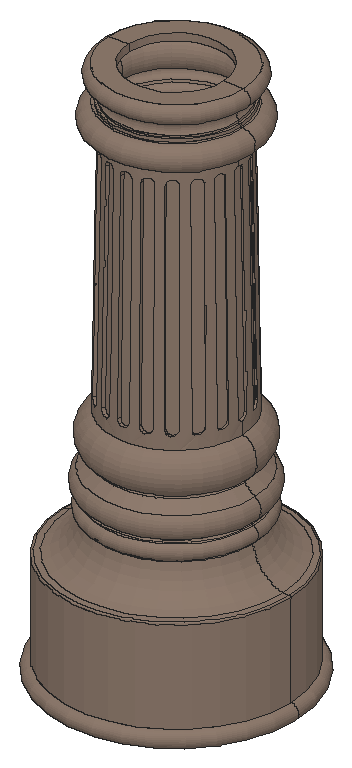
Revit family "CCS1902", category Generic Models, Revit 2014
Parameters
  SHELL = Bronze, Architectural
Reference planes (in)
  plane 1 "Center (Front/Back)": y = 0
  plane 2: z = 0
  plane 3 "Center (Left/Right)": x = 0
Forms (in)
  Revolve 1, solid, material "Bronze, Architectural" <- "SHELL"
    sketch origin (0, 0, 0) x (1, 0, 0) y (0, 0, 1)
      loop
        arc (-4.63212, 4.52564) -> (-3.48725, 4.99986) -> (-3.01303, 6.14472) r 1.61908
        arc (-3.01303, 6.14472) -> (-3.06752, 6.35589) -> (-3.21738, 6.51433) r 0.43643
        arc (-3.21738, 6.51433) -> (-3.24845, 6.59839) -> (-3.19648, 6.6714) r 0.09586
        arc (-3.19648, 6.6714) -> (-3.06507, 6.73745) -> (-2.95805, 6.83835) r 0.50868
        line (-2.95805, 6.83835) -> (-2.95805, 7.14527) -> (-3.22955, 7.31648)
        arc (-3.22955, 7.31648) -> (-3.3503, 7.5725) -> (-3.22955, 7.82852) r 0.33179
        line (-3.22955, 7.82852) -> (-2.78415, 8.20842)
        arc (-2.78415, 8.20842) -> (-2.64655, 8.4805) -> (-2.79085, 8.74909) r 0.32975
        arc (-2.79085, 8.74909) -> (-3.09013, 9.01132) -> (-3.18862, 9.39685) r 0.67199
        arc (-3.18862, 9.39685) -> (-3.04176, 9.79324) -> (-2.69463, 10.03446) r 0.70529
        arc (-2.69463, 10.03446) -> (-2.62427, 10.13037) -> (-2.58685, 10.24328) r 0.38176
        line (-2.58685, 10.24328) -> (-2.40478, 20.92244)
        arc (-2.40478, 20.92244) -> (-2.49644, 21.14373) -> (-2.71773, 21.23539) r 0.31296
        line (-2.71773, 21.23539) -> (-2.89641, 21.24895)
        arc (-2.89641, 21.24895) -> (-3.13852, 21.49105) -> (-2.89641, 21.73316) r 0.24211
        line (-2.89641, 21.73316) -> (-2.75276, 21.75805)
        arc (-2.75276, 21.75805) -> (-2.32579, 22.34074) -> (-2.66751, 22.97718) r 0.67721
        arc (-2.66751, 22.97718) -> (-2.78908, 23.07146) -> (-2.87884, 23.1964) r 0.53565
        line (-2.87884, 23.1964) -> (-2.03125, 23.1964) -> (-2.03125, 23.5) -> (-2.87884, 23.5)
        arc (-2.87884, 23.5) -> (-3.14838, 23.13489) -> (-2.87884, 22.76978) r 0.38205
        arc (-2.87884, 22.76978) -> (-2.60666, 22.54243) -> (-2.64769, 22.19016) r 0.37299
        line (-2.64769, 22.19016) -> (-2.64769, 22.12712) -> (-2.75276, 22.12712) -> (-2.75276, 22.00805)
        arc (-2.75276, 22.00805) -> (-2.80846, 21.99892) -> (-2.86483, 21.99587) r 0.52162
        arc (-2.86483, 21.99587) -> (-3.37006, 21.49063) -> (-2.86483, 20.98539) r 0.50524
        line (-2.86483, 20.98539) -> (-2.71773, 20.98539)
        arc (-2.71773, 20.98539) -> (-2.67919, 20.96528) -> (-2.65469, 20.92936) r 0.08942
        line (-2.65469, 20.92936) -> (-2.83691, 10.24168)
        arc (-2.83691, 10.24168) -> (-3.43928, 9.41393) -> (-2.9172, 8.53333) r 0.93101
        arc (-2.9172, 8.53333) -> (-2.8832, 8.47895) -> (-2.9172, 8.42456) r 0.0605
        line (-2.9172, 8.42456) -> (-3.37659, 8.03273)
        arc (-3.37659, 8.03273) -> (-3.60151, 7.57209) -> (-3.37557, 7.11195) r 0.58283
        line (-3.37557, 7.11195) -> (-3.25007, 7.03949)
        arc (-3.25007, 7.03949) -> (-3.18933, 6.97875) -> (-3.25007, 6.91801) r 0.06074
        line (-3.25007, 6.91801) -> (-3.30043, 6.89884)
        arc (-3.30043, 6.89884) -> (-3.50038, 6.5833) -> (-3.30043, 6.26776) r 0.34895
        arc (-3.30043, 6.26776) -> (-3.26872, 6.23968) -> (-3.25708, 6.19896) r 0.07565
        arc (-3.25708, 6.19896) -> (-3.68897, 5.28686) -> (-4.55991, 4.77705) r 1.71028
        line (-4.55991, 4.77705) -> (-4.81207, 4.74903)
        arc (-4.81207, 4.74903) -> (-4.8616, 4.72852) -> (-4.88212, 4.67899) r 0.07004
        line (-4.88212, 4.67899) -> (-4.88212, 0.68644)
        arc (-4.88212, 0.68644) -> (-5.22534, 0.34322) -> (-4.88212, 0) r 0.34322
        line (-4.88212, 0) -> (-4.63212, 0) -> (-4.63212, 4.52564)
      axis (0, 23.5) -> (0, 0)
    angle from 0 to 360
  Extrusion 2, void
    sketch origin (0, -0.27314, -0.04499) x (1, 0, 0) y (0, 0.017452, 0.999848)
      loop
        line (0.25, 11.00402) -> (0.25, 20.24993)
        arc (0.25, 20.24993) -> (0, 20.49993) -> (-0.25, 20.24993) r 0.25
        line (-0.25, 20.24993) -> (-0.25, 11.00402)
        arc (-0.25, 11.00402) -> (0, 10.75402) -> (0.25, 11.00402) r 0.25
    from 2.60068 to 2.99055
  Extrusion 3, void
    sketch origin (0, 0.27314, -0.04499) x (-1, 0, 0) y (0, -0.017452, 0.999848)
      loop
        line (0.25, 11.00402) -> (0.25, 20.24993)
        arc (0.25, 20.24993) -> (0, 20.49993) -> (-0.25, 20.24993) r 0.25
        line (-0.25, 20.24993) -> (-0.25, 11.00402)
        arc (-0.25, 11.00402) -> (0, 10.75402) -> (0.25, 11.00402) r 0.25
    from 2.60068 to 2.99055
  Extrusion 4, void
    sketch origin (-0.08441, -0.25977, -0.04499) x (0.951057, -0.309017, 0) y (0.005393, 0.016598, 0.999848)
      loop
        line (0.25, 11.00402) -> (0.25, 20.24993)
        arc (0.25, 20.24993) -> (0, 20.49993) -> (-0.25, 20.24993) r 0.25
        line (-0.25, 20.24993) -> (-0.25, 11.00402)
        arc (-0.25, 11.00402) -> (0, 10.75402) -> (0.25, 11.00402) r 0.25
    from 2.60068 to 2.99055
  Extrusion 5, void
    sketch origin (0.08441, 0.25977, -0.04499) x (-0.951057, 0.309017, 0) y (-0.005393, -0.016598, 0.999848)
      loop
        line (0.25, 11.00402) -> (0.25, 20.24993)
        arc (0.25, 20.24993) -> (0, 20.49993) -> (-0.25, 20.24993) r 0.25
        line (-0.25, 20.24993) -> (-0.25, 11.00402)
        arc (-0.25, 11.00402) -> (0, 10.75402) -> (0.25, 11.00402) r 0.25
    from 2.60068 to 2.99055
  Extrusion 6, void
    sketch origin (-0.16055, -0.22098, -0.04499) x (0.809017, -0.587785, 0) y (0.010258, 0.014119, 0.999848)
      loop
        line (0.25, 11.00402) -> (0.25, 20.24993)
        arc (0.25, 20.24993) -> (0, 20.49993) -> (-0.25, 20.24993) r 0.25
        line (-0.25, 20.24993) -> (-0.25, 11.00402)
        arc (-0.25, 11.00402) -> (0, 10.75402) -> (0.25, 11.00402) r 0.25
    from 2.60068 to 2.99055
  Extrusion 7, void
    sketch origin (0.16055, 0.22098, -0.04499) x (-0.809017, 0.587785, 0) y (-0.010258, -0.014119, 0.999848)
      loop
        line (0.25, 11.00402) -> (0.25, 20.24993)
        arc (0.25, 20.24993) -> (0, 20.49993) -> (-0.25, 20.24993) r 0.25
        line (-0.25, 20.24993) -> (-0.25, 11.00402)
        arc (-0.25, 11.00402) -> (0, 10.75402) -> (0.25, 11.00402) r 0.25
    from 2.60068 to 2.99055
  Extrusion 8, void
    sketch origin (-0.22098, -0.16055, -0.04499) x (0.587785, -0.809017, 0) y (0.014119, 0.010258, 0.999848)
      loop
        line (0.25, 11.00402) -> (0.25, 20.24993)
        arc (0.25, 20.24993) -> (0, 20.49993) -> (-0.25, 20.24993) r 0.25
        line (-0.25, 20.24993) -> (-0.25, 11.00402)
        arc (-0.25, 11.00402) -> (0, 10.75402) -> (0.25, 11.00402) r 0.25
    from 2.60068 to 2.99055
  Extrusion 9, void
    sketch origin (0.22098, 0.16055, -0.04499) x (-0.587785, 0.809017, 0) y (-0.014119, -0.010258, 0.999848)
      loop
        line (0.25, 11.00402) -> (0.25, 20.24993)
        arc (0.25, 20.24993) -> (0, 20.49993) -> (-0.25, 20.24993) r 0.25
        line (-0.25, 20.24993) -> (-0.25, 11.00402)
        arc (-0.25, 11.00402) -> (0, 10.75402) -> (0.25, 11.00402) r 0.25
    from 2.60068 to 2.99055
  Extrusion 10, void
    sketch origin (-0.25977, -0.08441, -0.04499) x (0.309017, -0.951057, 0) y (0.016598, 0.005393, 0.999848)
      loop
        line (0.25, 11.00402) -> (0.25, 20.24993)
        arc (0.25, 20.24993) -> (0, 20.49993) -> (-0.25, 20.24993) r 0.25
        line (-0.25, 20.24993) -> (-0.25, 11.00402)
        arc (-0.25, 11.00402) -> (0, 10.75402) -> (0.25, 11.00402) r 0.25
    from 2.60068 to 2.99055
  Extrusion 11, void
    sketch origin (0.25977, 0.08441, -0.04499) x (-0.309017, 0.951057, 0) y (-0.016598, -0.005393, 0.999848)
      loop
        line (0.25, 11.00402) -> (0.25, 20.24993)
        arc (0.25, 20.24993) -> (0, 20.49993) -> (-0.25, 20.24993) r 0.25
        line (-0.25, 20.24993) -> (-0.25, 11.00402)
        arc (-0.25, 11.00402) -> (0, 10.75402) -> (0.25, 11.00402) r 0.25
    from 2.60068 to 2.99055
  Extrusion 12, void
    sketch origin (-0.25977, 0.08441, -0.04499) x (-0.309017, -0.951057, 0) y (0.016598, -0.005393, 0.999848)
      loop
        line (0.25, 11.00402) -> (0.25, 20.24993)
        arc (0.25, 20.24993) -> (0, 20.49993) -> (-0.25, 20.24993) r 0.25
        line (-0.25, 20.24993) -> (-0.25, 11.00402)
        arc (-0.25, 11.00402) -> (0, 10.75402) -> (0.25, 11.00402) r 0.25
    from 2.60068 to 2.99055
  Extrusion 13, void
    sketch origin (0.25977, -0.08441, -0.04499) x (0.309017, 0.951057, 0) y (-0.016598, 0.005393, 0.999848)
      loop
        line (0.25, 11.00402) -> (0.25, 20.24993)
        arc (0.25, 20.24993) -> (0, 20.49993) -> (-0.25, 20.24993) r 0.25
        line (-0.25, 20.24993) -> (-0.25, 11.00402)
        arc (-0.25, 11.00402) -> (0, 10.75402) -> (0.25, 11.00402) r 0.25
    from 2.60068 to 2.99055
  Extrusion 14, void
    sketch origin (-0.22098, 0.16055, -0.04499) x (-0.587785, -0.809017, 0) y (0.014119, -0.010258, 0.999848)
      loop
        line (0.25, 11.00402) -> (0.25, 20.24993)
        arc (0.25, 20.24993) -> (0, 20.49993) -> (-0.25, 20.24993) r 0.25
        line (-0.25, 20.24993) -> (-0.25, 11.00402)
        arc (-0.25, 11.00402) -> (0, 10.75402) -> (0.25, 11.00402) r 0.25
    from 2.60068 to 2.99055
  Extrusion 15, void
    sketch origin (0.22098, -0.16055, -0.04499) x (0.587785, 0.809017, 0) y (-0.014119, 0.010258, 0.999848)
      loop
        line (0.25, 11.00402) -> (0.25, 20.24993)
        arc (0.25, 20.24993) -> (0, 20.49993) -> (-0.25, 20.24993) r 0.25
        line (-0.25, 20.24993) -> (-0.25, 11.00402)
        arc (-0.25, 11.00402) -> (0, 10.75402) -> (0.25, 11.00402) r 0.25
    from 2.60068 to 2.99055
  Extrusion 16, void
    sketch origin (-0.16055, 0.22098, -0.04499) x (-0.809017, -0.587785, 0) y (0.010258, -0.014119, 0.999848)
      loop
        line (0.25, 11.00402) -> (0.25, 20.24993)
        arc (0.25, 20.24993) -> (0, 20.49993) -> (-0.25, 20.24993) r 0.25
        line (-0.25, 20.24993) -> (-0.25, 11.00402)
        arc (-0.25, 11.00402) -> (0, 10.75402) -> (0.25, 11.00402) r 0.25
    from 2.60068 to 2.99055
  Extrusion 17, void
    sketch origin (0.16055, -0.22098, -0.04499) x (0.809017, 0.587785, 0) y (-0.010258, 0.014119, 0.999848)
      loop
        line (0.25, 11.00402) -> (0.25, 20.24993)
        arc (0.25, 20.24993) -> (0, 20.49993) -> (-0.25, 20.24993) r 0.25
        line (-0.25, 20.24993) -> (-0.25, 11.00402)
        arc (-0.25, 11.00402) -> (0, 10.75402) -> (0.25, 11.00402) r 0.25
    from 2.60068 to 2.99055
  Extrusion 18, void
    sketch origin (-0.08441, 0.25977, -0.04499) x (-0.951057, -0.309017, 0) y (0.005393, -0.016598, 0.999848)
      loop
        line (0.25, 11.00402) -> (0.25, 20.24993)
        arc (0.25, 20.24993) -> (0, 20.49993) -> (-0.25, 20.24993) r 0.25
        line (-0.25, 20.24993) -> (-0.25, 11.00402)
        arc (-0.25, 11.00402) -> (0, 10.75402) -> (0.25, 11.00402) r 0.25
    from 2.60068 to 2.99055
  Extrusion 19, void
    sketch origin (0.08441, -0.25977, -0.04499) x (0.951057, 0.309017, 0) y (-0.005393, 0.016598, 0.999848)
      loop
        line (0.25, 11.00402) -> (0.25, 20.24993)
        arc (0.25, 20.24993) -> (0, 20.49993) -> (-0.25, 20.24993) r 0.25
        line (-0.25, 20.24993) -> (-0.25, 11.00402)
        arc (-0.25, 11.00402) -> (0, 10.75402) -> (0.25, 11.00402) r 0.25
    from 2.60068 to 2.99055
  Extrusion 20, void
    sketch origin (-0.27314, 0, -0.04499) x (0, -1, 0) y (0.017452, 0, 0.999848)
      loop
        line (0.25, 11.00402) -> (0.25, 20.24993)
        arc (0.25, 20.24993) -> (0, 20.49993) -> (-0.25, 20.24993) r 0.25
        line (-0.25, 20.24993) -> (-0.25, 11.00402)
        arc (-0.25, 11.00402) -> (0, 10.75402) -> (0.25, 11.00402) r 0.25
    from 2.60068 to 2.99055
  Extrusion 21, void
    sketch origin (0.27314, 0, -0.04499) x (0, 1, 0) y (-0.017452, 0, 0.999848)
      loop
        line (0.25, 11.00402) -> (0.25, 20.24993)
        arc (0.25, 20.24993) -> (0, 20.49993) -> (-0.25, 20.24993) r 0.25
        line (-0.25, 20.24993) -> (-0.25, 11.00402)
        arc (-0.25, 11.00402) -> (0, 10.75402) -> (0.25, 11.00402) r 0.25
    from 2.60068 to 2.99055
Cuts and joins
  Extrusion 2, Extrusion 3, Extrusion 4, Extrusion 5, Extrusion 6, Extrusion 7, Extrusion 8, Extrusion 9, Extrusion 10, Extrusion 11, Extrusion 12, Extrusion 13, Extrusion 14, Extrusion 15, Extrusion 16, Extrusion 17, Extrusion 18, Extrusion 19, Extrusion 20, Extrusion 21 cuts Revolve 1
Dimensions and locks (in)
  aligned and locked: plane 2 to level
